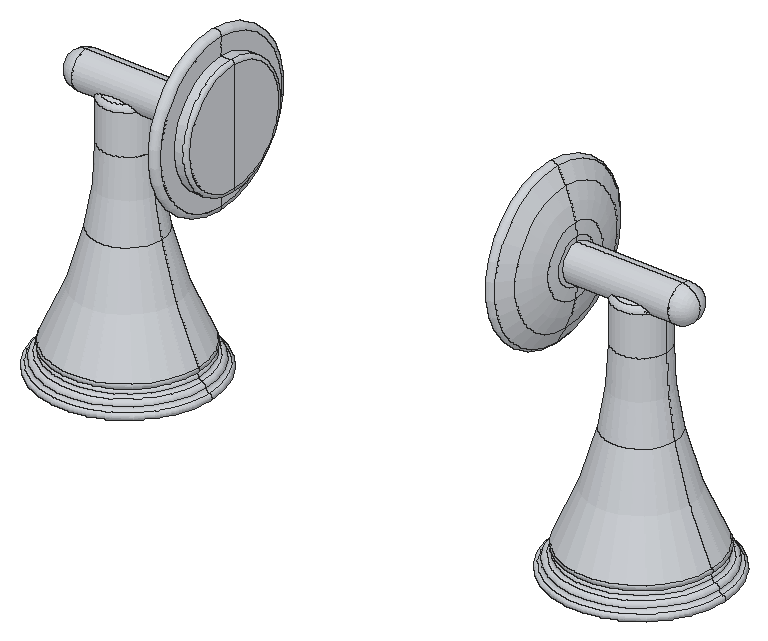
Revit family "Accessory-Tissue_Holder-KOHLER-Finial_Traditional-K-361", category Specialty Equipment, host Face, Revit 2015
Parameters (values of type "CP-Polished Chrome")
  Width = 3 1/8"  # constant formula
  URL = "https://www.us.kohler.com/us/"
  Type = 1
  Product Page URL = "http://www.us.kohler.com/us/catalog/productDetails.jsp?productNumber=361"
  Product Name = "Finial Traditional"  # constant formula
  Product Documentation Link = "http://www.us.kohler.com/onlinecatalog/pdf/K-361_spec.pdf"
  Model = if(Type = 1, "K-361-CP", if(Type = 2, "K-361-SN", if(Type = 3, "K-361-AF", if(Type = 4, "K-361-BN", if(Type = 5, "K-361-BV", if(Type = 6, "K-361-2BZ", "NA"))))))  # "K-361-CP"
  Material = "Premium Meatl Construction"  # constant formula
  MasterFormat 2004 = "10.28.13"  # constant formula
  MasterFormat 1995 = "10820"  # constant formula
  Manufacturer Address = "444 Highland Dr, Kohler, WI 53044"  # constant formula
  Manufacturer = "KOHLER Co."  # constant formula
  Length = 6 5/16"  # constant formula
  Height = 2 1/16"  # constant formula
  Finish = Kohler-Metal-CP-Polished_Chrome
  Environmental Product Declaration = ""
  Description = "Toilet tissue holder"  # constant formula
  Default Elevation = 42"  # constant formula
  Declare Label = ""
  Date Modified = "12/18/2018"  # constant formula
  Date Created = "12/18/2018"  # constant formula
  Copyright = "Copyright KOHLER Co."  # constant formula
  Contact Us = "https://www.us.kohler.com/us/static/contact.jsp"
  Assembly Code = "C1030200"
  ADA Compliant = 1 = 0  # no
Types (7): name | Type | Model | Finish
  (no name) | 1 | "K-361-CP" | Kohler-Metal-CP-Polished_Chrome
  CP-Polished Chrome | 1 | "K-361-CP" | Kohler-Metal-CP-Polished_Chrome
  SN-Vibrant Polished Nickel | 2 | "K-361-SN" | Kohler-Metal-SN-Vibrant_Polished_Nickel
  AF-Vibrant French Gold | 3 | "K-361-AF" | Kohler-Metal-AF-Vibrant_French_Gold
  BN-Vibrant Brushed Nickel | 4 | "K-361-BN" | Kohler-Metal-BN-Vibrant_Brushed_Nickel
  BV-Vibrant Brushed Bronze | 5 | "K-361-BV" | Kohler-Metal-BV-Brushed_Bronze
  2BZ-Oil_Rubbed Bronze | 6 | "K-361-2BZ" | Kohler-Metal-2BZ-Oil_Rubbed_Bronze
Reference planes (in)
  plane 1 "Center (Front/Back)": y = 0
  plane 2: z = 0
  plane 3 "Center (Left/Right)": x = 0
  plane 4: x = -3.15625
  plane 5: x = 3.15625
  plane 6: y = 1.03125
  plane 7: y = -1.03125
  plane 8: z = 3.125
Dimensions and locks (in)
  "Length": plane 4 to plane 5
  "Height": plane 7 to plane 6
  "Width": plane 8 to plane 2
  aligned and locked: host face to plane 2
  aligned and locked: host face to level
Automatic sketch dimensions
  host sketch curve to host sketch curve = 96"  (x2)
Nested families (in)
  nested 1: "K-361" at (0, 0, 0), type "K-361"
Definition of nested family "K-361"
  Parameters (values of type "K-361")
    Material = none
  Reference planes (in)
    plane 1 "Center (Front/Back)": y = 0
    plane 2: z = 0
    plane 3 "Center (Left/Right)": x = 0
    plane 4: x = -3.15625
    plane 5: x = 3.15625
    plane 6: x = -4.1875
    plane 7: x = -2.125
    plane 8: x = 4.1875
    plane 9: x = 2.125
    plane 10: y = 1.03125
    plane 11: y = -1.03125
    plane 12: z = 3.125
    plane 13: z = 4.125
    plane 14: z = 2.125
  Forms (in)
    Revolve 1, solid, material <- "Material", detail levels medium+fine
      sketch origin (0, 0, 0) x (1, 0, 0) y (0, 0, 1)
        loop
          arc (-3.15625, 3.125) -> (-3.29484, 3.10901) -> (-3.42614, 3.06187) r 0.60844
          arc (-3.42614, 3.06187) -> (-3.45726, 3.0336) -> (-3.46879, 2.99317) r 0.07666
          line (-3.46879, 2.99317) -> (-3.46879, 2.50932)
          arc (-3.46879, 2.50932) -> (-3.49514, 2.03648) -> (-3.57385, 1.5695) r 4.25607
          arc (-3.57385, 1.5695) -> (-3.76208, 0.93187) -> (-4.03064, 0.3237) r 5.16597
          arc (-4.03064, 0.3237) -> (-4.0287, 0.2769) -> (-3.9873, 0.255) r 0.04701
          arc (-3.9873, 0.255) -> (-4.01618, 0.24304) -> (-4.02814, 0.21415) r 0.04085
          arc (-4.02814, 0.21415) -> (-4.03905, 0.18783) -> (-4.06537, 0.17693) r 0.03722
          arc (-4.06537, 0.17693) -> (-4.10214, 0.1617) -> (-4.11737, 0.12493) r 0.052
          arc (-4.11737, 0.12493) -> (-4.12804, 0.09524) -> (-4.15516, 0.07912) r 0.04666
          arc (-4.15516, 0.07912) -> (-4.18732, 0.03612) -> (-4.14757, 0) r 0.03993
          line (-4.14757, 0) -> (-3.15625, 0) -> (-3.15625, 3.125)
        axis (-3.15625, 3.125) -> (-3.15625, 0)
      angle from 0 to 360
    Revolve 2, solid, material <- "Material", detail levels medium+fine
      sketch origin (0, 0, 0) x (1, 0, 0) y (0, 0, 1)
        loop
          line (-2.00625, 2.395) -> (-1.89112, 2.395)
          arc (-1.89112, 2.395) -> (-1.85939, 2.40814) -> (-1.84625, 2.43987) r 0.04487
          line (-1.84625, 2.43987) -> (-1.84625, 3.125) -> (-3.88124, 3.125)
          arc (-3.88124, 3.125) -> (-3.81915, 2.97049) -> (-3.66553, 2.90622) r 0.21574
          line (-3.66553, 2.90622) -> (-2.36196, 2.90622) -> (-2.36196, 2.85562)
          arc (-2.36196, 2.85562) -> (-2.35857, 2.78098) -> (-2.34843, 2.70696) r 0.82294
          arc (-2.34843, 2.70696) -> (-2.30207, 2.52073) -> (-2.2329, 2.3417) r 1.54019
          arc (-2.2329, 2.3417) -> (-2.1847, 2.2464) -> (-2.12954, 2.15495) r 1.43346
          arc (-2.12954, 2.15495) -> (-2.05418, 2.12742) -> (-2.00625, 2.19175) r 0.06713
          line (-2.00625, 2.19175) -> (-2.00625, 2.395)
        axis (-3.88124, 3.125) -> (-1.84625, 3.125)
      angle from 0 to 360
    Revolve 3, solid, material <- "Material", detail levels medium+fine
      sketch origin (0, 0, 0) x (-1, 0, 0) y (0, 0, 1)
        loop
          line (-2.00625, 2.395) -> (-1.89112, 2.395)
          arc (-1.89112, 2.395) -> (-1.85939, 2.40814) -> (-1.84625, 2.43987) r 0.04487
          line (-1.84625, 2.43987) -> (-1.84625, 3.125) -> (-3.88124, 3.125)
          arc (-3.88124, 3.125) -> (-3.81915, 2.97049) -> (-3.66553, 2.90622) r 0.21574
          line (-3.66553, 2.90622) -> (-2.36196, 2.90622) -> (-2.36196, 2.85562)
          arc (-2.36196, 2.85562) -> (-2.35857, 2.78098) -> (-2.34843, 2.70696) r 0.82294
          arc (-2.34843, 2.70696) -> (-2.30207, 2.52073) -> (-2.2329, 2.3417) r 1.54019
          arc (-2.2329, 2.3417) -> (-2.1847, 2.2464) -> (-2.12954, 2.15495) r 1.43346
          arc (-2.12954, 2.15495) -> (-2.05418, 2.12742) -> (-2.00625, 2.19175) r 0.06713
          line (-2.00625, 2.19175) -> (-2.00625, 2.395)
        axis (-3.88124, 3.125) -> (-1.84625, 3.125)
      angle from 0 to 360
    Revolve 4, solid, material <- "Material", detail levels coarse
      sketch origin (0, 0, 0) x (1, 0, 0) y (0, 0, 1)
        loop
          line (-3.15625, 0) -> (-2.125, 0) -> (-2.125, 0.22356) -> (-2.28545, 0.22356) -> (-2.95089, 3.03582)
          arc (-2.95089, 3.03582) -> (-2.9669, 3.06812) -> (-2.99548, 3.09009) r 0.07985
          arc (-2.99548, 3.09009) -> (-3.07399, 3.11617) -> (-3.15625, 3.125) r 0.38763
          line (-3.15625, 3.125) -> (-3.15625, 0)
        axis (-3.15625, 3.125) -> (-3.15625, 0)
      angle from 0 to 360
    Revolve 5, solid, material <- "Material", detail levels coarse
      sketch origin (0, 0, 0) x (-1, 0, 0) y (0, 0, 1)
        loop
          line (-3.15625, 0) -> (-2.125, 0) -> (-2.125, 0.22356) -> (-2.28545, 0.22356) -> (-2.95089, 3.03582)
          arc (-2.95089, 3.03582) -> (-2.9669, 3.06812) -> (-2.99548, 3.09009) r 0.07985
          arc (-2.99548, 3.09009) -> (-3.07399, 3.11617) -> (-3.15625, 3.125) r 0.38763
          line (-3.15625, 3.125) -> (-3.15625, 0)
        axis (-3.15625, 3.125) -> (-3.15625, 0)
      angle from 0 to 360
    Revolve 6, solid, material <- "Material", detail levels coarse
      sketch origin (0, 0, 0) x (1, 0, 0) y (0, 0, 1)
        loop
          line (-3.88124, 3.125) -> (-1.84625, 3.125) -> (-1.84625, 4.125) -> (-2.36196, 4.125) -> (-2.36196, 3.34378) -> (-3.88124, 3.34378) -> (-3.88124, 3.125)
        axis (-1.84625, 3.125) -> (-3.88124, 3.125)
      angle from 0 to 360
    Revolve 7, solid, material <- "Material", detail levels coarse
      sketch origin (0, 0, 0) x (-1, 0, 0) y (0, 0, 1)
        loop
          line (-3.88124, 3.125) -> (-1.84625, 3.125) -> (-1.84625, 4.125) -> (-2.36196, 4.125) -> (-2.36196, 3.34378) -> (-3.88124, 3.34378) -> (-3.88124, 3.125)
        axis (-1.84625, 3.125) -> (-3.88124, 3.125)
      angle from 0 to 360
    Revolve 8, solid, material <- "Material", detail levels medium+fine
      sketch origin (0, 0, 0) x (-1, 0, 0) y (0, 0, 1)
        loop
          arc (-3.15625, 3.125) -> (-3.29484, 3.10901) -> (-3.42614, 3.06187) r 0.60844
          arc (-3.42614, 3.06187) -> (-3.45726, 3.0336) -> (-3.46879, 2.99317) r 0.07666
          line (-3.46879, 2.99317) -> (-3.46879, 2.50932)
          arc (-3.46879, 2.50932) -> (-3.49514, 2.03648) -> (-3.57385, 1.5695) r 4.25607
          arc (-3.57385, 1.5695) -> (-3.76208, 0.93187) -> (-4.03064, 0.3237) r 5.16597
          arc (-4.03064, 0.3237) -> (-4.0287, 0.2769) -> (-3.9873, 0.255) r 0.04701
          arc (-3.9873, 0.255) -> (-4.01618, 0.24304) -> (-4.02814, 0.21415) r 0.04085
          arc (-4.02814, 0.21415) -> (-4.03905, 0.18783) -> (-4.06537, 0.17693) r 0.03722
          arc (-4.06537, 0.17693) -> (-4.10214, 0.1617) -> (-4.11737, 0.12493) r 0.052
          arc (-4.11737, 0.12493) -> (-4.12804, 0.09524) -> (-4.15516, 0.07912) r 0.04666
          arc (-4.15516, 0.07912) -> (-4.18732, 0.03612) -> (-4.14757, 0) r 0.03993
          line (-4.14757, 0) -> (-3.15625, 0) -> (-3.15625, 3.125)
        axis (-3.15625, 3.125) -> (-3.15625, 0)
      angle from 0 to 360
  Cuts and joins
    joined: Revolve 1, Revolve 2, Revolve 3
    joined: Revolve 4, Revolve 5, Revolve 6, Revolve 7
  Lines and regions (in)
    Masking region 1
      outline origin (0, 0, 0) x (1, 0, 0) y (0, 1, 0)
        loop
          line (-1.84625, 0) -> (-1.84625, 0.68513)
          arc (-1.84625, 0.68513) -> (-1.85939, 0.71686) -> (-1.89112, 0.73) r 0.04487
          line (-1.89112, 0.73) -> (-2.00625, 0.73) -> (-2.00625, 0.93328)
          arc (-2.00625, 0.93328) -> (-2.05469, 0.99772) -> (-2.13005, 0.96907) r 0.06707
          arc (-2.13005, 0.96907) -> (-2.18703, 0.87361) -> (-2.23922, 0.77544) r 2.24855
          arc (-2.23922, 0.77544) -> (-2.27898, 0.68261) -> (-2.30749, 0.58573) r 0.85248
          arc (-2.30749, 0.58573) -> (-2.67696, 0.9131) -> (-3.15625, 1.03125) r 1.03125
          arc (-3.15625, 1.03125) -> (-3.88545, 0.7292) -> (-4.1875, 0) r 1.03125
          arc (-4.1875, 0) -> (-3.88545, -0.7292) -> (-3.15625, -1.03125) r 1.03125
          arc (-3.15625, -1.03125) -> (-2.67696, -0.9131) -> (-2.30749, -0.58573) r 1.03125
          arc (-2.30749, -0.58573) -> (-2.27898, -0.68261) -> (-2.23922, -0.77544) r 0.85248
          arc (-2.23922, -0.77544) -> (-2.18703, -0.87361) -> (-2.13005, -0.96907) r 2.24855
          arc (-2.13005, -0.96907) -> (-2.05469, -0.99772) -> (-2.00625, -0.93328) r 0.06707
          line (-2.00625, -0.93328) -> (-2.00625, -0.73) -> (-1.89112, -0.73)
          arc (-1.89112, -0.73) -> (-1.85939, -0.71686) -> (-1.84625, -0.68513) r 0.04487
          line (-1.84625, -0.68513) -> (-1.84625, 0)
        loop
          line (1.84625, 0) -> (1.84625, -0.68513)
          arc (1.84625, -0.68513) -> (1.85939, -0.71686) -> (1.89112, -0.73) r 0.04487
          line (1.89112, -0.73) -> (2.00625, -0.73) -> (2.00625, -0.93328)
          arc (2.00625, -0.93328) -> (2.05469, -0.99772) -> (2.13005, -0.96907) r 0.06707
          arc (2.13005, -0.96907) -> (2.18703, -0.87361) -> (2.23922, -0.77544) r 2.24855
          arc (2.23922, -0.77544) -> (2.27898, -0.68261) -> (2.30749, -0.58573) r 0.85248
          arc (2.30749, -0.58573) -> (2.67696, -0.9131) -> (3.15625, -1.03125) r 1.03125
          arc (3.15625, -1.03125) -> (3.88545, -0.7292) -> (4.1875, 0) r 1.03125
          arc (4.1875, 0) -> (3.88545, 0.7292) -> (3.15625, 1.03125) r 1.03125
          arc (3.15625, 1.03125) -> (2.67696, 0.9131) -> (2.30749, 0.58573) r 1.03125
          arc (2.30749, 0.58573) -> (2.27898, 0.68261) -> (2.23922, 0.77544) r 0.85248
          arc (2.23922, 0.77544) -> (2.18703, 0.87361) -> (2.13005, 0.96907) r 2.24855
          arc (2.13005, 0.96907) -> (2.05469, 0.99772) -> (2.00625, 0.93328) r 0.06707
          line (2.00625, 0.93328) -> (2.00625, 0.73) -> (1.89112, 0.73)
          arc (1.89112, 0.73) -> (1.85939, 0.71686) -> (1.84625, 0.68513) r 0.04487
          line (1.84625, 0.68513) -> (1.84625, 0)
    Masking region 2
      outline origin (0, 0, 0) x (1, 0, 0) y (0, 0, 1)
        loop
          line (-4.14757, 0) -> (-3.15625, 0) -> (-2.16493, 0)
          arc (-2.16493, 0) -> (-2.13616, 0.01222) -> (-2.125, 0.04142) r 0.03995
          arc (-2.125, 0.04142) -> (-2.1346, 0.06591) -> (-2.15734, 0.07912) r 0.03996
          arc (-2.15734, 0.07912) -> (-2.18446, 0.09524) -> (-2.19513, 0.12493) r 0.04666
          arc (-2.19513, 0.12493) -> (-2.21036, 0.1617) -> (-2.24713, 0.17693) r 0.052
          arc (-2.24713, 0.17693) -> (-2.27345, 0.18783) -> (-2.28436, 0.21415) r 0.03722
          arc (-2.28436, 0.21415) -> (-2.29632, 0.24304) -> (-2.3252, 0.255) r 0.04085
          arc (-2.3252, 0.255) -> (-2.2838, 0.2769) -> (-2.28186, 0.3237) r 0.04701
          arc (-2.28186, 0.3237) -> (-2.55042, 0.93187) -> (-2.73865, 1.5695) r 5.16597
          arc (-2.73865, 1.5695) -> (-2.81736, 2.03648) -> (-2.84371, 2.50932) r 4.25607
          line (-2.84371, 2.50932) -> (-2.84371, 2.90622) -> (-2.36196, 2.90622) -> (-2.36196, 2.85562)
          arc (-2.36196, 2.85562) -> (-2.35857, 2.78098) -> (-2.34843, 2.70696) r 0.82294
          arc (-2.34843, 2.70696) -> (-2.30207, 2.52073) -> (-2.2329, 2.3417) r 1.54019
          arc (-2.2329, 2.3417) -> (-2.1847, 2.2464) -> (-2.12954, 2.15495) r 1.43346
          arc (-2.12954, 2.15495) -> (-2.10536, 2.13284) -> (-2.07355, 2.125) r 0.06628
          arc (-2.07355, 2.125) -> (-2.02599, 2.14436) -> (-2.00625, 2.19175) r 0.06675
          line (-2.00625, 2.19175) -> (-2.00625, 2.395) -> (-1.89112, 2.395)
          arc (-1.89112, 2.395) -> (-1.85939, 2.40814) -> (-1.84625, 2.43987) r 0.04487
          line (-1.84625, 2.43987) -> (-1.84625, 3.125) -> (-1.84625, 3.81013)
          arc (-1.84625, 3.81013) -> (-1.85939, 3.84186) -> (-1.89112, 3.855) r 0.04487
          line (-1.89112, 3.855) -> (-2.00625, 3.855) -> (-2.00625, 4.05825)
          arc (-2.00625, 4.05825) -> (-2.02599, 4.10564) -> (-2.07355, 4.125) r 0.06675
          arc (-2.07355, 4.125) -> (-2.10536, 4.11716) -> (-2.12954, 4.09505) r 0.06628
          arc (-2.12954, 4.09505) -> (-2.1847, 4.0036) -> (-2.2329, 3.9083) r 1.43346
          arc (-2.2329, 3.9083) -> (-2.30207, 3.72927) -> (-2.34843, 3.54304) r 1.54019
          arc (-2.34843, 3.54304) -> (-2.35857, 3.46902) -> (-2.36196, 3.39438) r 0.82294
          line (-2.36196, 3.39438) -> (-2.36196, 3.34378) -> (-3.46561, 3.34378) -> (-3.66553, 3.34378)
          arc (-3.66553, 3.34378) -> (-3.81915, 3.27951) -> (-3.88124, 3.125) r 0.21574
          arc (-3.88124, 3.125) -> (-3.81915, 2.97049) -> (-3.66553, 2.90622) r 0.21574
          line (-3.66553, 2.90622) -> (-3.46879, 2.90622) -> (-3.46879, 2.50932)
          arc (-3.46879, 2.50932) -> (-3.49514, 2.03648) -> (-3.57385, 1.5695) r 4.25607
          arc (-3.57385, 1.5695) -> (-3.76208, 0.93187) -> (-4.03064, 0.3237) r 5.16597
          arc (-4.03064, 0.3237) -> (-4.0287, 0.2769) -> (-3.9873, 0.255) r 0.04701
          arc (-3.9873, 0.255) -> (-4.01618, 0.24304) -> (-4.02814, 0.21415) r 0.04085
          arc (-4.02814, 0.21415) -> (-4.03905, 0.18783) -> (-4.06537, 0.17693) r 0.03722
          arc (-4.06537, 0.17693) -> (-4.10214, 0.1617) -> (-4.11737, 0.12493) r 0.052
          arc (-4.11737, 0.12493) -> (-4.12804, 0.09524) -> (-4.15516, 0.07912) r 0.04666
          arc (-4.15516, 0.07912) -> (-4.1779, 0.06591) -> (-4.1875, 0.04142) r 0.03996
          arc (-4.1875, 0.04142) -> (-4.17634, 0.01222) -> (-4.14757, 0) r 0.03995
        loop
          arc (4.14757, 0) -> (4.17634, 0.01222) -> (4.1875, 0.04142) r 0.03995
          arc (4.1875, 0.04142) -> (4.1779, 0.06591) -> (4.15516, 0.07912) r 0.03996
          arc (4.15516, 0.07912) -> (4.12804, 0.09524) -> (4.11737, 0.12493) r 0.04666
          arc (4.11737, 0.12493) -> (4.10214, 0.1617) -> (4.06537, 0.17693) r 0.052
          arc (4.06537, 0.17693) -> (4.03905, 0.18783) -> (4.02814, 0.21415) r 0.03722
          arc (4.02814, 0.21415) -> (4.01618, 0.24304) -> (3.9873, 0.255) r 0.04085
          arc (3.9873, 0.255) -> (4.0287, 0.2769) -> (4.03064, 0.3237) r 0.04701
          arc (4.03064, 0.3237) -> (3.76208, 0.93187) -> (3.57385, 1.5695) r 5.16597
          arc (3.57385, 1.5695) -> (3.49514, 2.03648) -> (3.46879, 2.50932) r 4.25607
          line (3.46879, 2.50932) -> (3.46879, 2.90622) -> (3.66553, 2.90622)
          arc (3.66553, 2.90622) -> (3.81915, 2.97049) -> (3.88124, 3.125) r 0.21574
          arc (3.88124, 3.125) -> (3.81915, 3.27951) -> (3.66553, 3.34378) r 0.21574
          line (3.66553, 3.34378) -> (3.46561, 3.34378) -> (2.36196, 3.34378) -> (2.36196, 3.39438)
          arc (2.36196, 3.39438) -> (2.35857, 3.46902) -> (2.34843, 3.54304) r 0.82294
          arc (2.34843, 3.54304) -> (2.30207, 3.72927) -> (2.2329, 3.9083) r 1.54019
          arc (2.2329, 3.9083) -> (2.1847, 4.0036) -> (2.12954, 4.09505) r 1.43346
          arc (2.12954, 4.09505) -> (2.10536, 4.11716) -> (2.07355, 4.125) r 0.06628
          arc (2.07355, 4.125) -> (2.02599, 4.10564) -> (2.00625, 4.05825) r 0.06675
          line (2.00625, 4.05825) -> (2.00625, 3.855) -> (1.89112, 3.855)
          arc (1.89112, 3.855) -> (1.85939, 3.84186) -> (1.84625, 3.81013) r 0.04487
          line (1.84625, 3.81013) -> (1.84625, 3.125) -> (1.84625, 2.43987)
          arc (1.84625, 2.43987) -> (1.85939, 2.40814) -> (1.89112, 2.395) r 0.04487
          line (1.89112, 2.395) -> (2.00625, 2.395) -> (2.00625, 2.19175)
          arc (2.00625, 2.19175) -> (2.02599, 2.14436) -> (2.07355, 2.125) r 0.06675
          arc (2.07355, 2.125) -> (2.10536, 2.13284) -> (2.12954, 2.15495) r 0.06628
          arc (2.12954, 2.15495) -> (2.1847, 2.2464) -> (2.2329, 2.3417) r 1.43346
          arc (2.2329, 2.3417) -> (2.30207, 2.52073) -> (2.34843, 2.70696) r 1.54019
          arc (2.34843, 2.70696) -> (2.35857, 2.78098) -> (2.36196, 2.85562) r 0.82294
          line (2.36196, 2.85562) -> (2.36196, 2.90622) -> (2.84371, 2.90622) -> (2.84371, 2.50932)
          arc (2.84371, 2.50932) -> (2.81736, 2.03648) -> (2.73865, 1.5695) r 4.25607
          arc (2.73865, 1.5695) -> (2.55042, 0.93187) -> (2.28186, 0.3237) r 5.16597
          arc (2.28186, 0.3237) -> (2.2838, 0.2769) -> (2.3252, 0.255) r 0.04701
          arc (2.3252, 0.255) -> (2.29632, 0.24304) -> (2.28436, 0.21415) r 0.04085
          arc (2.28436, 0.21415) -> (2.27345, 0.18783) -> (2.24713, 0.17693) r 0.03722
          arc (2.24713, 0.17693) -> (2.21036, 0.1617) -> (2.19513, 0.12493) r 0.052
          arc (2.19513, 0.12493) -> (2.18446, 0.09524) -> (2.15734, 0.07912) r 0.04666
          arc (2.15734, 0.07912) -> (2.1346, 0.06591) -> (2.125, 0.04142) r 0.03996
          arc (2.125, 0.04142) -> (2.13616, 0.01222) -> (2.16493, 0) r 0.03995
          line (2.16493, 0) -> (3.15625, 0) -> (4.14757, 0)
    Masking region 3
      outline origin (0, 0, 0) x (0, 1, 0) y (0, 0, 1)
        loop
          line (-0.99132, 0) -> (0, 0) -> (0.99132, 0)
          arc (0.99132, 0) -> (1.01993, 0.01207) -> (1.03125, 0.04097) r 0.03994
          arc (1.03125, 0.04097) -> (1.02179, 0.06574) -> (0.99891, 0.07912) r 0.03994
          arc (0.99891, 0.07912) -> (0.97179, 0.09524) -> (0.96112, 0.12493) r 0.04666
          arc (0.96112, 0.12493) -> (0.94589, 0.1617) -> (0.90912, 0.17693) r 0.052
          arc (0.90912, 0.17693) -> (0.8828, 0.18783) -> (0.87189, 0.21415) r 0.03722
          arc (0.87189, 0.21415) -> (0.85993, 0.24304) -> (0.83105, 0.255) r 0.04085
          arc (0.83105, 0.255) -> (0.87245, 0.2769) -> (0.87439, 0.3237) r 0.04701
          arc (0.87439, 0.3237) -> (0.60583, 0.93187) -> (0.4176, 1.5695) r 5.16597
          arc (0.4176, 1.5695) -> (0.36045, 1.87252) -> (0.32539, 2.17888) r 4.25607
          arc (0.32539, 2.17888) -> (0.98657, 3.28969) -> (0, 4.125) r 1.00026
          arc (0, 4.125) -> (-0.98657, 3.28969) -> (-0.32539, 2.17888) r 1.00026
          arc (-0.32539, 2.17888) -> (-0.36045, 1.87252) -> (-0.4176, 1.5695) r 4.25607
          arc (-0.4176, 1.5695) -> (-0.60583, 0.93187) -> (-0.87439, 0.3237) r 5.16597
          arc (-0.87439, 0.3237) -> (-0.87245, 0.2769) -> (-0.83105, 0.255) r 0.04701
          arc (-0.83105, 0.255) -> (-0.85993, 0.24304) -> (-0.87189, 0.21415) r 0.04085
          arc (-0.87189, 0.21415) -> (-0.8828, 0.18783) -> (-0.90912, 0.17693) r 0.03722
          arc (-0.90912, 0.17693) -> (-0.94589, 0.1617) -> (-0.96112, 0.12493) r 0.052
          arc (-0.96112, 0.12493) -> (-0.97179, 0.09524) -> (-0.99891, 0.07912) r 0.04666
          arc (-0.99891, 0.07912) -> (-1.02179, 0.06574) -> (-1.03125, 0.04097) r 0.03994
          arc (-1.03125, 0.04097) -> (-1.01993, 0.01207) -> (-0.99132, 0) r 0.03994
    symbolic lines, detail levels medium+fine
      curve 1: line (-2.36196, 0.21878, 0) -> (-2.36196, -0.21878, 0)
      curve 2: arc (-2.31403, 0.5951, 0) -> (-2.34993, 0.40846, 0) -> (-2.36196, 0.21878, 0) r 1.50111
      curve 3: arc (-2.31403, -0.5951, 0) -> (-2.34993, -0.40846, 0) -> (-2.36196, -0.21878, 0) r 1.50111
      curve 4: line (-2.00625, 0.73, 0) -> (-2.00625, -0.73, 0)
      curve 5: line (-2.36196, 0.21878, 0) -> (-3.68533, 0.21878, 0)
      curve 6: line (-2.36196, -0.21878, 0) -> (-3.68533, -0.21878, 0)
      curve 7: arc (-3.68533, 0.21878, 0) -> (-3.82523, 0.1469, 0) -> (-3.88143, 0, 0) r 0.22009
      curve 8: arc (-3.68533, -0.21878, 0) -> (-3.82523, -0.1469, 0) -> (-3.88143, 0, 0) r 0.22009
      curve 9: arc (-2.33549, 0.49943, 0) -> (-4.11702, 0, 0) -> (-2.33549, -0.49943, 0) r 0.96077
      curve 10: arc (-2.3565, 0.34678, 0) -> (-4.02795, 0, 0) -> (-2.3565, -0.34678, 0) r 0.8717
      curve 11: arc (-2.36514, 0.21878, 0) -> (-3.97706, 0, 0) -> (-2.36514, -0.21878, 0) r 0.82081
      curve 12: line (2.36196, 0.21878, 0) -> (2.36196, -0.21878, 0)
      curve 13: arc (2.31403, 0.5951, 0) -> (2.34993, 0.40846, 0) -> (2.36196, 0.21878, 0) r 1.50111
      curve 14: arc (2.31403, -0.5951, 0) -> (2.34993, -0.40846, 0) -> (2.36196, -0.21878, 0) r 1.50111
      curve 15: line (2.00625, 0.73, 0) -> (2.00625, -0.73, 0)
      curve 16: line (2.36196, 0.21878, 0) -> (3.68533, 0.21878, 0)
      curve 17: line (2.36196, -0.21878, 0) -> (3.68533, -0.21878, 0)
      curve 18: arc (3.68533, 0.21878, 0) -> (3.82523, 0.1469, 0) -> (3.88143, 0, 0) r 0.22009
      curve 19: arc (3.68533, -0.21878, 0) -> (3.82523, -0.1469, 0) -> (3.88143, 0, 0) r 0.22009
      curve 20: arc (2.33549, 0.49943, 0) -> (4.11702, 0, 0) -> (2.33549, -0.49943, 0) r 0.96077
      curve 21: arc (2.3565, 0.34678, 0) -> (4.02795, 0, 0) -> (2.3565, -0.34678, 0) r 0.8717
      curve 22: arc (2.36514, 0.21878, 0) -> (3.97706, 0, 0) -> (2.36514, -0.21878, 0) r 0.82081
      curve 23: line (-4.15516, 0, 0.07912) -> (-2.15734, 0, 0.07912)
      curve 24: line (-4.06537, 0, 0.17693) -> (-2.24713, 0, 0.17693)
      curve 25: line (-3.9873, 0, 0.255) -> (-2.3252, 0, 0.255)
      curve 26: spline (-3.32643, 0, 3.06187) -> (-3.29866, 0, 3.06898) -> (-3.27056, 0, 3.07482) -> (-3.24221, 0, 3.07938) -> (-3.21367, 0, 3.08265) -> (-3.18499, 0, 3.08461) -> (-3.15625, 0, 3.08526) -> (-3.12751, 0, 3.08461) -> (-3.09883, 0, 3.08265) -> (-3.07029, 0, 3.07938) -> (-3.04194, 0, 3.07482) -> (-3.01384, 0, 3.06898) -> (-2.98607, 0, 3.06187)
      curve 27: arc (-3.46879, 0, 2.90622) -> (-3.41983, 0, 3.00437) -> (-3.32643, 0, 3.06187) r 0.19974
      curve 28: arc (-2.98607, 0, 3.06187) -> (-2.89267, 0, 3.00437) -> (-2.84371, 0, 2.90622) r 0.19974
      curve 29: line (-2.36196, 0, 3.34378) -> (-2.36196, 0, 2.90622)
      curve 30: line (-2.00625, 0, 3.855) -> (-2.00625, 0, 2.395)
      curve 31: line (4.15516, 0, 0.07912) -> (2.15734, 0, 0.07912)
      curve 32: line (4.06537, 0, 0.17693) -> (2.24713, 0, 0.17693)
      curve 33: line (3.9873, 0, 0.255) -> (2.3252, 0, 0.255)
      curve 34: spline (3.32643, 0, 3.06187) -> (3.29866, 0, 3.06898) -> (3.27056, 0, 3.07482) -> (3.24221, 0, 3.07938) -> (3.21367, 0, 3.08265) -> (3.18499, 0, 3.08461) -> (3.15625, 0, 3.08526) -> (3.12751, 0, 3.08461) -> (3.09883, 0, 3.08265) -> (3.07029, 0, 3.07938) -> (3.04194, 0, 3.07482) -> (3.01384, 0, 3.06898) -> (2.98607, 0, 3.06187)
      curve 35: arc (3.46879, 0, 2.90622) -> (3.41983, 0, 3.00437) -> (3.32643, 0, 3.06187) r 0.19974
      curve 36: arc (2.98607, 0, 3.06187) -> (2.89267, 0, 3.00437) -> (2.84371, 0, 2.90622) r 0.19974
      curve 37: line (2.36196, 0, 3.34378) -> (2.36196, 0, 2.90622)
      curve 38: line (2.00625, 0, 3.855) -> (2.00625, 0, 2.395)
      curve 39: line (0, 0.99891, 0.07912) -> (0, -0.99891, 0.07912)
      curve 40: line (0, 0.90912, 0.17693) -> (0, -0.90912, 0.17693)
      curve 41: line (0, 0.83105, 0.255) -> (0, -0.83105, 0.255)
      curve 42: arc (0, 0, 2.90622) -> (0, 0.21878, 3.125) -> (0, 0, 3.34378) r 0.21878
      curve 43: arc (0, 0, 3.34378) -> (0, -0.21878, 3.125) -> (0, 0, 2.90622) r 0.21878
      curve 44: arc (0, 0.32539, 2.17888) -> (0, 0.31558, 2.36088) -> (0, 0.31267, 2.54311) r 4.81597
      curve 45: line (0, 0.31267, 2.54311) -> (0, 0.31267, 2.98454)
      curve 46: arc (0, 0.26181, 3.06538) -> (0, 0.2387, 3.07589) -> (0, 0.21517, 3.08542) r 0.60468
      curve 47: arc (0, 0.31267, 2.98454) -> (0, 0.2989, 3.03229) -> (0, 0.26181, 3.06538) r 0.08969
      curve 48: arc (0, -0.32539, 2.17888) -> (0, -0.31558, 2.36088) -> (0, -0.31267, 2.54311) r 4.81597
      curve 49: line (0, -0.31267, 2.54311) -> (0, -0.31267, 2.98454)
      curve 50: arc (0, -0.26181, 3.06538) -> (0, -0.2387, 3.07589) -> (0, -0.21517, 3.08542) r 0.60468
      curve 51: arc (0, -0.31267, 2.98454) -> (0, -0.2989, 3.03229) -> (0, -0.26181, 3.06538) r 0.08969
      curve 52: arc (-3.38129, 0.21878, 0) -> (-3.15795, 0.31079, 0) -> (-2.93461, 0.21878, 0) r 0.31706
      curve 53: arc (-3.38129, -0.21878, 0) -> (-3.15795, -0.31079, 0) -> (-2.93461, -0.21878, 0) r 0.31706
      curve 54: arc (3.38129, 0.21878, 0) -> (3.15795, 0.31079, 0) -> (2.93461, 0.21878, 0) r 0.31706
      curve 55: arc (3.38129, -0.21878, 0) -> (3.15795, -0.31079, 0) -> (2.93461, -0.21878, 0) r 0.31706
  Dimensions and locks (in)
    locked: plane 4 to plane 5 at 6.3125
    locked: plane 7 to plane 6 at 2.0625
    locked: plane 8 to plane 9 at 2.0625
    locked: plane 10 to plane 11 at 2.0625
    locked: plane 12 to plane 2 at 3.125
    locked: plane 13 to plane 14 at 2
    aligned and locked: plane 2 to level
